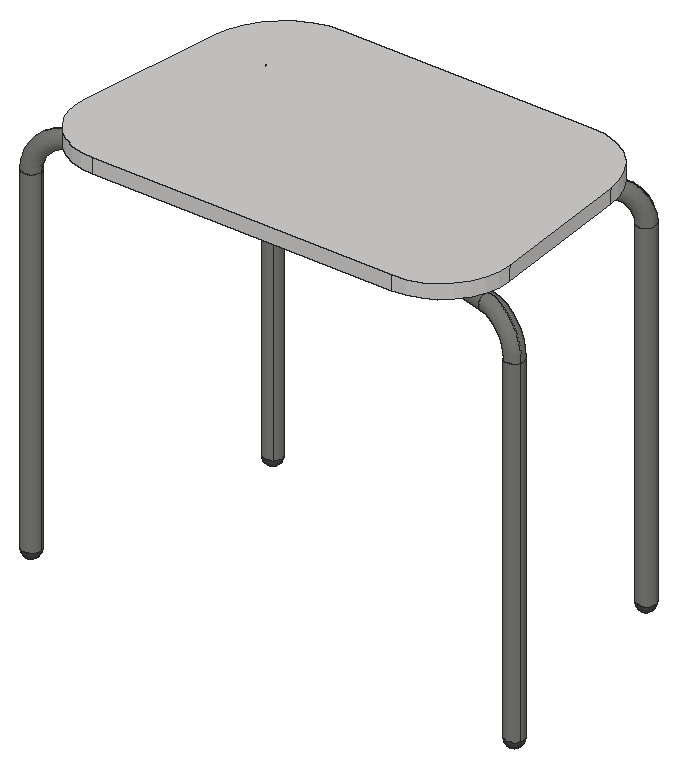
Revit family "Table-Teknion-CQTWT_Routes_SoloMini_Table-R2020", category Furniture, Revit 2020
Family settings
  OmniClass Number = 23.40.20.00
  OmniClass Title = General Furniture and Specialties
  Work Plane-Based = No
  Always vertical = Yes
  Cut with Voids When Loaded = No
  Shared = Yes
  Room Calculation Point = No
Parameters (values of type "SoloMini Table")
  Warranty = "http://www.teknion.com/ca/papers/legal-canada"
  Unit Weight URL = "http://www.teknion.com/ca/tools/assets#&asset=bee6a381-b954-425e-8283-5a2de3a804f2,f828d448-4b62-4231-9e5f-9a8991c0ed77"
  URL = "www.teknion.com"
  Sustainability Data = "https://www.teknion.com/ca/tools/assets#&topic=216f99a5-57a0-44fc-b10a-9dee9b29ae4c&asset=444deb64-fe58-4b68-981e-f75e97781df7,b4ff2d81-9f2e-437d-9659-7cffb09c31cf"
  Surface Finish [instance] = Foundation Laminate - Teknion - 2H - Soft Gris
  Series = "Routes"
  Product Page URL = "https://www.teknion.com/ca/products/product-details?productLineId=70f0476f-8e7a-673b-a6c8-ff05004460c4"
  Product Line = "Routes Tables"
  Product Documentation Link = "https://assets.teknion.com/m/72af4764f50e983c/original/Routes-Reference-Guide.pdf"
  Part Number = "CQTWT"  # constant formula
  Model = "CQTWT2030"
  Manufacturer Phone = "416-661-3370"  # constant formula
  Manufacturer Fax = "416.661.4586"  # constant formula
  Manufacturer Contact Information = "http://www.teknion.com/ca/contactus"
  Manufacturer Address = "1150 Flint Road, Toronto, ON. M3J 2J5. Canada"  # constant formula
  Manufacturer = "Teknion"  # constant formula
  Frame Finish [instance] = Paint - Teknion - Mica - Anthracite
  Foot Finish [instance] = Plastic - Teknion - E - Ebony
  Description = "SoloMini Table"
  Default Elevation = 0.000"
  Assembly Code = "E2020200"
Reference planes (in)
  plane 1 "Center Front/Back": y = 0
  plane 2: z = 0
  plane 3 "Center Left/Right": x = 0
  plane 4 "Left": x = -17.82524
  plane 5 "Right": x = 17.82524
  plane 6 "Back": y = 10
  plane 7 "Front": y = -10
  plane 8 "Top": z = 29
  plane 9: z = 28
  plane 10: z = 24.76977
  plane 11: z = 0.62477
  plane 12: z = 27.57905
  plane 13: z = 27.26977
  plane 14: through (-10.63604, 6.41746, 48) normal (0.7431, 0.6691, 0)
  plane 15: through (-13.36891, -6.22922, 48) normal (-0.2575, 0.9663, 0)
  plane 16: through (10.63604, 6.41746, 48) normal (0.7431, -0.6691, 0)
  plane 17: through (13.36891, -6.22922, 48) normal (-0.2575, -0.9663, 0)
  plane 18: y = -7.25009
  plane 19: y = 9.36403
  plane 20: x = -17.20024
  plane 21: x = -13.28915
  plane 22: x = 17.20024
  plane 23: x = 13.28915
Forms (in)
  Sweep 1, solid, material "Foundation Laminate - Teknion - 2H - Soft Gris" <- "Surface Finish"
    path origin (0, 0, 0) x (1, 0, 0) y (0, 0, 1)
      loop
        line (0, 28) -> (0, 29)
    profile origin (0, 0, 28.5) x (-1, 0, 0) y (0, -1, 0)
      loop
        arc (15.11035, 5.02962) -> (13.97915, 8.51109) -> (10.635, 10) r 4.5
        line (10.635, 10) -> (-10.635, 10)
        arc (-10.635, 10) -> (-13.97915, 8.51109) -> (-15.11035, 5.02962) r 4.5
        line (-15.11035, 5.02962) -> (-14.02479, -5.29877)
        arc (-14.02479, -5.29877) -> (-12.31649, -8.65151) -> (-8.80355, -10) r 5.25
        line (-8.80355, -10) -> (8.80355, -10)
        arc (8.80355, -10) -> (12.31649, -8.65151) -> (14.02479, -5.29877) r 5.25
        line (14.02479, -5.29877) -> (15.11035, 5.02962)
  Sweep 2, solid, material "Paint - Teknion - Mica - Anthracite" <- "Frame Finish"
    path origin (0, 0, 0) x (1, 0, 0) y (0, 0, 1)
      loop
        line (0, 28) -> (0, 27.57905)
    profile origin (0, 0, 27.78952) x (0, -1, 0) y (1, 0, 0)
      loop
        line (5.15209, -14.18366) -> (7.56894, -13.53967)
        arc (7.56894, -13.53967) -> (7.7513, -13.40014) -> (7.78158, -13.17254) r 0.3
        line (7.78158, -13.17254) -> (7.10704, -10.64098)
        arc (7.10704, -10.64098) -> (6.96752, -10.45862) -> (6.73992, -10.42834) r 0.3
        line (6.73992, -10.42834) -> (4.32305, -11.0723)
        arc (4.32305, -11.0723) -> (4.1407, -11.21182) -> (4.11041, -11.43943) r 0.3
        line (4.11041, -11.43943) -> (4.78496, -13.97102)
        arc (4.78496, -13.97102) -> (4.92448, -14.15338) -> (5.15209, -14.18366) r 0.3
      loop
        arc (5.15209, 14.18366) -> (4.92448, 14.15338) -> (4.78496, 13.97102) r 0.3
        line (4.78496, 13.97102) -> (4.11041, 11.43943)
        arc (4.11041, 11.43943) -> (4.1407, 11.21182) -> (4.32305, 11.0723) r 0.3
        line (4.32305, 11.0723) -> (6.73992, 10.42834)
        arc (6.73992, 10.42834) -> (6.96752, 10.45862) -> (7.10704, 10.64098) r 0.3
        line (7.10704, 10.64098) -> (7.78158, 13.17254)
        arc (7.78158, 13.17254) -> (7.7513, 13.40014) -> (7.56894, 13.53967) r 0.3
        line (7.56894, 13.53967) -> (5.15209, 14.18366)
      loop
        line (-7.63324, -10.0479) -> (-5.95963, -11.90665)
        arc (-5.95963, -11.90665) -> (-5.75239, -12.0055) -> (-5.53595, -11.92885) r 0.3
        line (-5.53595, -11.92885) -> (-3.58897, -10.17578)
        arc (-3.58897, -10.17578) -> (-3.49012, -9.96854) -> (-3.56676, -9.7521) r 0.3
        line (-3.56676, -9.7521) -> (-5.24037, -7.89335)
        arc (-5.24037, -7.89335) -> (-5.44761, -7.7945) -> (-5.66405, -7.87115) r 0.3
        line (-5.66405, -7.87115) -> (-7.61103, -9.62422)
        arc (-7.61103, -9.62422) -> (-7.70988, -9.83146) -> (-7.63324, -10.0479) r 0.3
      loop
        arc (-7.63324, 10.0479) -> (-7.70988, 9.83146) -> (-7.61103, 9.62422) r 0.3
        line (-7.61103, 9.62422) -> (-5.66405, 7.87115)
        arc (-5.66405, 7.87115) -> (-5.44761, 7.7945) -> (-5.24037, 7.89335) r 0.3
        line (-5.24037, 7.89335) -> (-3.56676, 9.7521)
        arc (-3.56676, 9.7521) -> (-3.49012, 9.96854) -> (-3.58897, 10.17578) r 0.3
        line (-3.58897, 10.17578) -> (-5.53595, 11.92885)
        arc (-5.53595, 11.92885) -> (-5.75239, 12.0055) -> (-5.95963, 11.90665) r 0.3
        line (-5.95963, 11.90665) -> (-7.63324, 10.0479)
  Revolve 3, solid, material "Plastic - Teknion - E - Ebony" <- "Foot Finish"
    sketch origin (-17.82524, -7.25009, 48) x (-1, 0, 0) y (0, 0, 1)
      loop
        line (-0.625, -47.37523) -> (-1.25, -47.37523)
        arc (-1.25, -47.37523) -> (-1.06686, -47.81702) -> (-0.625, -48) r 0.625
        line (-0.625, -48) -> (-0.625, -47.37523)
      axis (-0.625, -47.37523) -> (-0.625, -48)
    angle from 0 to 360
  Revolve 4, solid, material "Plastic - Teknion - E - Ebony" <- "Foot Finish"
    sketch origin (-17.82524, -7.25009, 48) x (-1, 0, 0) y (0, 0, 1)
      loop
        line (-35.02548, -47.37523) -> (-35.02548, -48)
        arc (-35.02548, -48) -> (-34.58362, -47.81702) -> (-34.40048, -47.37523) r 0.625
        line (-34.40048, -47.37523) -> (-35.02548, -47.37523)
      axis (-35.02548, -47.37523) -> (-35.02548, -48)
    angle from 0 to 360
  Revolve 5, solid, material "Plastic - Teknion - E - Ebony" <- "Foot Finish"
    sketch origin (-13.91415, 9.36403, 48) x (-1, 0, 0) y (0, 0, 1)
      loop
        line (-0.625, -47.37523) -> (-1.25, -47.37523)
        arc (-1.25, -47.37523) -> (-1.06686, -47.81702) -> (-0.625, -48) r 0.625
        line (-0.625, -48) -> (-0.625, -47.37523)
      axis (-0.625, -47.37523) -> (-0.625, -48)
    angle from 0 to 360
  Revolve 6, solid, material "Plastic - Teknion - E - Ebony" <- "Foot Finish"
    sketch origin (-13.91415, 9.36403, 48) x (-1, 0, 0) y (0, 0, 1)
      loop
        line (-27.20329, -47.37523) -> (-27.20329, -48)
        arc (-27.20329, -48) -> (-26.76151, -47.81701) -> (-26.57852, -47.37523) r 0.62477
        line (-26.57852, -47.37523) -> (-27.20329, -47.37523)
      axis (-27.20329, -47.37523) -> (-27.20329, -48)
    angle from 0 to 360
  Sweep 7, solid, material "Paint - Teknion - Mica - Anthracite" <- "Frame Finish"
    path origin (-13.36891, -6.22922, 48) x (-0.966286, -0.25747, 0) y (0, 0, 1)
      loop
        line (3.965, -47.37523) -> (3.965, -23.23023)
        arc (3.965, -23.23023) -> (3.23277, -21.46246) -> (1.465, -20.73023) r 2.5
        line (1.465, -20.73023) -> (-3.335, -20.73023)
    profile origin (-12.46544, -5.98848, 27.26977) x (0, 0, -1) y (-0.25747, 0.966286, 0)
      loop
        circle (0, 0) r 0.625
  Sweep 8, solid, material "Paint - Teknion - Mica - Anthracite" <- "Frame Finish"
    path origin (-10.63604, 6.41746, 48) x (-0.669131, 0.743145, 0) y (0, 0, 1)
      loop
        line (3.965, -47.37523) -> (3.965, -23.23023)
        arc (3.965, -23.23023) -> (3.23277, -21.46246) -> (1.465, -20.73023) r 2.5
        line (1.465, -20.73023) -> (-3.33408, -20.73023)
    profile origin (-10.01071, 5.72296, 27.26977) x (0, 0, -1) y (0.743145, 0.669131, 0)
      loop
        circle (0, 0) r 0.625
  Sweep 9, solid, material "Paint - Teknion - Mica - Anthracite" <- "Frame Finish"
    path origin (13.36891, -6.22922, 48) x (0.966286, -0.25747, 0) y (0, 0, 1)
      loop
        line (3.965, -47.37523) -> (3.965, -23.23023)
        arc (3.965, -23.23023) -> (3.23277, -21.46246) -> (1.465, -20.73023) r 2.5
        line (1.465, -20.73023) -> (-3.33558, -20.73023)
    profile origin (12.46516, -5.98841, 27.26977) x (0, 0, 1) y (0.25747, 0.966286, 0)
      loop
        circle (0, 0) r 0.625
  Sweep 10, solid, material "Paint - Teknion - Mica - Anthracite" <- "Frame Finish"
    path origin (10.63604, 6.41746, 48) x (0.669131, 0.743145, 0) y (0, 0, 1)
      loop
        line (3.965, -47.37523) -> (3.965, -23.23023)
        arc (3.965, -23.23023) -> (3.23277, -21.46246) -> (1.465, -20.73023) r 2.5
        line (1.465, -20.73023) -> (-3.33569, -20.73023)
    profile origin (10.01018, 5.72236, 27.26977) x (0, 0, 1) y (-0.743145, 0.669131, 0)
      loop
        circle (0, 0) r 0.625
Lines and regions (in)
  Masking region 1
    outline origin (0, 0, 29) x (0, -1, 0) y (1, 0, 0)
      loop
        line (-5.29877, -14.02479) -> (5.02962, -15.11035)
        arc (5.02962, -15.11035) -> (5.53861, -15.13483) -> (6.04711, -15.10162) r 4.5
        line (6.04711, -15.10162) -> (6.60629, -17.20024)
        arc (6.60629, -17.20024) -> (7.32229, -17.83202) -> (7.85387, -17.03879) r 0.63456
        line (7.85387, -17.03879) -> (7.25009, -14.78074)
        arc (7.25009, -14.78074) -> (9.25003, -13.12243) -> (10, -10.635) r 4.5
        line (10, -10.635) -> (10, 10.635)
        arc (10, 10.635) -> (9.25003, 13.12243) -> (7.25009, 14.78074) r 4.5
        line (7.25009, 14.78074) -> (7.85387, 17.03879)
        arc (7.85387, 17.03879) -> (7.32229, 17.83202) -> (6.60629, 17.20024) r 0.63456
        line (6.60629, 17.20024) -> (6.04711, 15.10162)
        arc (6.04711, 15.10162) -> (5.53861, 15.13483) -> (5.02962, 15.11035) r 4.5
        line (5.02962, 15.11035) -> (-5.29877, 14.02479)
        arc (-5.29877, 14.02479) -> (-6.73694, 13.66303) -> (-8.01657, 12.91354) r 5.25
        line (-8.01657, 12.91354) -> (-9.02384, 13.82049)
        arc (-9.02384, 13.82049) -> (-9.86043, 13.67338) -> (-9.78512, 12.8273) r 0.62798
        line (-9.78512, 12.8273) -> (-8.89948, 12.01981)
        arc (-8.89948, 12.01981) -> (-9.71726, 10.50322) -> (-10, 8.80355) r 5.25
        line (-10, 8.80355) -> (-10, -8.80355)
        arc (-10, -8.80355) -> (-9.71726, -10.50322) -> (-8.89948, -12.01981) r 5.25
        line (-8.89948, -12.01981) -> (-9.78512, -12.8273)
        arc (-9.78512, -12.8273) -> (-9.86043, -13.67338) -> (-9.02384, -13.82049) r 0.62798
        line (-9.02384, -13.82049) -> (-8.01657, -12.91354)
        arc (-8.01657, -12.91354) -> (-6.73694, -13.66303) -> (-5.29877, -14.02479) r 5.25
  reference lines
    curve 1: line (-17.82524, 10, 0) -> (-17.82524, -10, 0)
    curve 2: line (-17.82524, -10, 0) -> (17.82524, -10, 0)
    curve 3: line (17.82524, -10, 0) -> (17.82524, 10, 0)
    curve 4: line (17.82524, 10, 0) -> (-17.82524, 10, 0)
  symbolic lines, style "FurnitureHiddenLines", detail levels medium+fine
    curve 5: line (-9.98596, -5.9725, 29) -> (-10.30652, -4.76944, 29)
    curve 6: line (-11.43943, -4.11041, 29) -> (-13.97102, -4.78496, 29)
    curve 7: arc (-13.97102, -4.78496, 29) -> (-14.15338, -4.92448, 29) -> (-14.18366, -5.15209, 29) r 0.3
    curve 8: line (-14.18366, -5.15209, 29) -> (-13.53967, -7.56894, 29)
    curve 9: arc (-13.53967, -7.56894, 29) -> (-13.40014, -7.7513, 29) -> (-13.17254, -7.78158, 29) r 0.3
    curve 10: line (-13.17254, -7.78158, 29) -> (-10.64098, -7.10704, 29)
    curve 11: arc (-10.64098, -7.10704, 29) -> (-10.45862, -6.96752, 29) -> (-10.42834, -6.73992, 29) r 0.3
    curve 12: line (-10.42834, -6.73992, 29) -> (-11.0723, -4.32305, 29)
    curve 13: arc (-11.0723, -4.32305, 29) -> (-11.21182, -4.1407, 29) -> (-11.43943, -4.11041, 29) r 0.3
    curve 14: line (-15.10162, -6.04711, 29) -> (-10.30652, -4.76944, 29)
    curve 15: line (-14.78074, -7.25009, 29) -> (-9.98596, -5.9725, 29)
    curve 16: line (8.87265, 3.51661, 29) -> (7.94624, 4.34841, 29)
    curve 17: line (7.87337, 5.65703, 29) -> (9.62372, 7.60646, 29)
    curve 18: arc (9.62372, 7.60646, 29) -> (9.83082, 7.7056, 29) -> (10.04737, 7.62925, 29) r 0.3
    curve 19: line (10.04737, 7.62925, 29) -> (11.90843, 5.95822, 29)
    curve 20: arc (11.90843, 5.95822, 29) -> (12.00757, 5.75112, 29) -> (11.93123, 5.53457, 29) r 0.3
    curve 21: line (11.93123, 5.53457, 29) -> (10.1809, 3.58517, 29)
    curve 22: arc (10.1809, 3.58517, 29) -> (9.9738, 3.48603, 29) -> (9.75725, 3.56237, 29) r 0.3
    curve 23: line (9.75725, 3.56237, 29) -> (7.89617, 5.23338, 29)
    curve 24: arc (7.89617, 5.23338, 29) -> (7.79703, 5.44049, 29) -> (7.87337, 5.65703, 29) r 0.3
    curve 25: line (12.02732, 8.89365, 29) -> (7.94624, 4.34841, 29)
    curve 26: line (12.91332, 8.01685, 29) -> (8.87265, 3.51661, 29)
    curve 27: line (-8.87265, 3.51661, 29) -> (-7.94624, 4.34841, 29)
    curve 28: line (-7.87337, 5.65703, 29) -> (-9.62372, 7.60646, 29)
    curve 29: arc (-9.62372, 7.60646, 29) -> (-9.83082, 7.7056, 29) -> (-10.04737, 7.62925, 29) r 0.3
    curve 30: line (-10.04737, 7.62925, 29) -> (-11.90843, 5.95822, 29)
    curve 31: arc (-11.90843, 5.95822, 29) -> (-12.00757, 5.75112, 29) -> (-11.93123, 5.53457, 29) r 0.3
    curve 32: line (-11.93123, 5.53457, 29) -> (-10.1809, 3.58517, 29)
    curve 33: arc (-10.1809, 3.58517, 29) -> (-9.9738, 3.48603, 29) -> (-9.75725, 3.56237, 29) r 0.3
    curve 34: line (-9.75725, 3.56237, 29) -> (-7.89617, 5.23338, 29)
    curve 35: arc (-7.89617, 5.23338, 29) -> (-7.79703, 5.44049, 29) -> (-7.87337, 5.65703, 29) r 0.3
    curve 36: line (-12.02732, 8.89365, 29) -> (-7.94624, 4.34841, 29)
    curve 37: line (-12.91332, 8.01685, 29) -> (-8.87265, 3.51661, 29)
    curve 38: line (9.98596, -5.9725, 29) -> (10.30652, -4.76944, 29)
    curve 39: line (11.43943, -4.11041, 29) -> (13.97102, -4.78496, 29)
    curve 40: arc (13.97102, -4.78496, 29) -> (14.15338, -4.92448, 29) -> (14.18366, -5.15209, 29) r 0.3
    curve 41: line (14.18366, -5.15209, 29) -> (13.53967, -7.56894, 29)
    curve 42: arc (13.53967, -7.56894, 29) -> (13.40014, -7.7513, 29) -> (13.17254, -7.78158, 29) r 0.3
    curve 43: line (13.17254, -7.78158, 29) -> (10.64098, -7.10704, 29)
    curve 44: arc (10.64098, -7.10704, 29) -> (10.45862, -6.96752, 29) -> (10.42834, -6.73992, 29) r 0.3
    curve 45: line (10.42834, -6.73992, 29) -> (11.0723, -4.32305, 29)
    curve 46: arc (11.0723, -4.32305, 29) -> (11.21182, -4.1407, 29) -> (11.43943, -4.11041, 29) r 0.3
    curve 47: line (15.10162, -6.04711, 29) -> (10.30652, -4.76944, 29)
    curve 48: line (14.78074, -7.25009, 29) -> (9.98596, -5.9725, 29)
Dimensions and locks (in)
  plane 4 "Left" to plane 5 "Right" = 35.65048"
  plane 6 "Back" to plane 7 "Front" = 20.000"
  locked: plane 8 "Top" to level at 29
  equal spacing: plane 6 "Back", plane 1 "Center Front/Back", plane 7 "Front"
  equal spacing: plane 4 "Left", plane 3 "Center Left/Right", plane 5 "Right"
  locked: plane 8 "Top" to plane 9 at 1
  locked: plane 9 to plane 12 at 0.42096
  locked: plane 11 to plane 2 at 0.62477
  Sweep 1 sketch curve to Sweep 1 sketch curve to plane 3 "Center Left/Right" to Sweep 1 sketch curve to Sweep 1 sketch curve = 1.83145" locked, 8.80355" locked, 8.80355" locked, 1.83145" locked
  Sweep 1 sketch curve to plane 1 "Center Front/Back" to Sweep 1 sketch curve = 5.500" locked, 4.750" locked
  plane 8 "Top" to plane 13 to plane 10 = 1.73023" locked, 2.500" locked
  plane 14 to plane 14 to plane 3 "Center Left/Right" to plane 16 to plane 16 = 9.00404" locked, 4.85774" locked, 4.85774" locked, 9.00404" locked
  locked: plane 15 to plane 1 "Center Front/Back" at 2.66703
  locked: plane 17 to plane 1 "Center Front/Back" at 2.66703
  Sweep 2 sketch curve to Sweep 2 sketch curve to Sweep 2 sketch curve to Sweep 2 sketch curve to plane 1 "Center Front/Back" = 0.67454" locked, 1.74231" locked, 0.67455" locked, 4.40029" locked  (x2)
  Sweep 2 sketch curve to Sweep 2 sketch curve to Sweep 2 sketch curve to Sweep 2 sketch curve to plane 3 "Center Left/Right" = 0.644" locked, 1.8876" locked, 0.64396" locked, 10.71822" locked  (x2)
  Sweep 2 sketch curve to Sweep 2 sketch curve to Sweep 2 sketch curve to Sweep 2 sketch curve to plane 3 "Center Left/Right" to Sweep 2 sketch curve to Sweep 2 sketch curve to Sweep 2 sketch curve to Sweep 2 sketch curve = 1.75307" locked, 0.10568" locked, 1.75307" locked, 8.09409" locked, 8.09409" locked, 1.75307" locked, 0.10568" locked, 1.75307" locked
  plane 1 "Center Front/Back" to Sweep 2 sketch curve to Sweep 2 sketch curve to Sweep 2 sketch curve to Sweep 2 sketch curve = 3.78971" locked, 1.6736" locked, 0.27338" locked, 1.6736" locked  (x2)
  plane 18 to plane 1 "Center Front/Back" to plane 19 = 7.25009" locked, 9.36403" locked
  plane 20 to plane 21 to plane 3 "Center Left/Right" to plane 23 to plane 22 = 3.91109" locked, 13.28915" locked, 13.28915" locked, 3.91109" locked
  Sweep 7 sketch curve to Sweep 7 sketch curve to plane 20 = 4.63817" locked, 2.41572" locked
  locked: Sweep 7 sketch curve to plane 20 at 4.7348
  Sweep 8 sketch curve to Sweep 8 sketch curve to plane 21 = 3.21121", 1.67283" locked
  locked: Sweep 8 sketch curve to plane 21 at 3.27843
  Sweep 9 sketch curve to Sweep 9 sketch curve to plane 22 = 4.63873" locked, 2.41572" locked
  locked: Sweep 9 sketch curve to plane 22 at 4.73508
  Sweep 10 sketch curve to Sweep 10 sketch curve to plane 23 = 3.21229" locked, 1.67283" locked
  locked: Sweep 10 sketch curve to plane 23 at 3.27897
  aligned and locked: level to plane 2
  aligned and locked: plane 3 "Center Left/Right" to Sweep 1 sketch curve
  aligned and locked: plane 8 "Top" to Sweep 1 sketch curve
  aligned and locked: plane 9 to Sweep 1 sketch curve
  aligned and locked: Sweep 1 sketch curve to plane 6 "Back"
  aligned and locked: Sweep 1 sketch curve to plane 7 "Front"
  aligned and locked: Sweep 2 sketch curve to plane 3 "Center Left/Right"
  aligned and locked: plane 9 to Sweep 2 sketch curve
  aligned and locked: plane 12 to Sweep 2 sketch curve
  aligned and locked: Revolve 3 sketch curve to plane 20  (x2)
  aligned and locked: Revolve 3 sketch curve to plane 11
  aligned and locked: plane 2 to Revolve 3 sketch curve
  aligned and locked: Revolve 4 sketch curve to plane 11
  aligned and locked: plane 22 to Revolve 4 sketch curve  (x2)
  aligned and locked: plane 2 to Revolve 4 sketch curve
  aligned and locked: plane 11 to Revolve 5 sketch curve
  aligned and locked: Revolve 5 sketch curve to plane 21  (x2)
  aligned and locked: plane 2 to Revolve 5 sketch curve
  aligned and locked: plane 11 to Revolve 6 sketch curve
  aligned and locked: Revolve 6 sketch curve to plane 23  (x2)
  aligned and locked: plane 2 to Revolve 6 sketch curve
  aligned and locked: Sweep 7 sketch curve to plane 13
  aligned and locked: plane 20 to Sweep 7 sketch curve
  aligned and locked: plane 13 to Sweep 7 sketch curve
  aligned and locked: plane 11 to Sweep 7 sketch curve
  aligned and locked: Sweep 7 sketch curve to plane 20
  aligned and locked: plane 10 to Sweep 7 sketch curve
  aligned and locked: Sweep 8 sketch curve to plane 13
  aligned and locked: plane 21 to Sweep 8 sketch curve
  aligned and locked: plane 10 to Sweep 8 sketch curve
  aligned and locked: plane 11 to Sweep 8 sketch curve
  aligned and locked: plane 13 to Sweep 8 sketch curve
  aligned and locked: Sweep 9 sketch curve to plane 22
  aligned and locked: plane 10 to Sweep 9 sketch curve
  aligned and locked: plane 11 to Sweep 9 sketch curve
  aligned and locked: plane 13 to Sweep 9 sketch curve
  aligned and locked: plane 13 to Sweep 10 sketch curve  (x2)
  aligned and locked: Sweep 10 sketch curve to plane 23
  aligned and locked: plane 10 to Sweep 10 sketch curve
  aligned and locked: plane 11 to Sweep 10 sketch curve
  aligned and locked: curve 4 to plane 6 "Back"
  aligned and locked: curve 1 to plane 4 "Left"
  aligned and locked: curve 2 to plane 7 "Front"
  aligned and locked: curve 3 to plane 5 "Right"
Automatic sketch dimensions
  plane 10 to Sweep 7 sketch curve = 0.000"  (x2)
  Sweep 7 sketch curve to Sweep 7 sketch curve = 4.800"
  Sweep 7 sketch curve to plane 15 = 0.000"
  profile plane to Sweep 7 sketch curve = 0.000"
  Sweep 8 sketch curve to profile plane = 0.000"
  plane 13 to Sweep 8 sketch curve = 0.000"
  plane 10 to Sweep 8 sketch curve = 0.000"
  plane 11 to Sweep 8 sketch curve = 0.000"
  Sweep 8 sketch curve to Sweep 8 sketch curve = 0.000"
  Sweep 8 sketch curve to Sweep 8 sketch curve = 4.79908"
  profile plane to Sweep 9 sketch curve = 0.000"
  plane 13 to Sweep 9 sketch curve = 0.000"
  plane 10 to Sweep 9 sketch curve = 0.000"
  Sweep 9 sketch curve to Sweep 9 sketch curve = 4.80058"
  Sweep 1 sketch curve to plane 1 "Center Front/Back" = 5.29877"
  Sweep 1 sketch curve to Sweep 1 sketch curve = 5.22124"
  Sweep 2 sketch curve to Sweep 2 sketch curve = 0.20074"  (x4)
  Sweep 2 sketch curve to Sweep 2 sketch curve = 0.22294"  (x4)
  Sweep 2 sketch curve to Sweep 2 sketch curve = 0.28989"  (x4)
  Sweep 2 sketch curve to Sweep 2 sketch curve = 0.07724"  (x5)
  plane 20 to Revolve 3 sketch curve = 0.625"
  Revolve 3 sketch curve to level = 0.47384"
  Revolve 3 sketch curve to Revolve 3 sketch curve = 0.74977"
  Revolve 4 sketch curve to Revolve 4 sketch curve = 0.625"
  Revolve 4 sketch curve to level = 0.58801"
  Revolve 4 sketch curve to Revolve 4 sketch curve = 0.87621"
  plane 21 to Revolve 5 sketch curve = 0.625"
  Revolve 5 sketch curve to level = 0.47561"
  Revolve 5 sketch curve to Revolve 5 sketch curve = 0.74977"
  Revolve 6 sketch curve to Revolve 6 sketch curve = 0.28181"
  Revolve 6 sketch curve to Revolve 6 sketch curve = 0.62477"
  Sweep 10 sketch curve to profile plane = 0.000"
  plane 10 to Sweep 10 sketch curve = 0.000"
  plane 11 to Sweep 10 sketch curve = 0.000"
  Sweep 10 sketch curve to Sweep 10 sketch curve = 4.80069"
  Masking region 1 sketch curve to Masking region 1 sketch curve = 0.000"  (x4)
  Masking region 1 sketch curve to Sweep 1 = 0.21488"  (x2)
  Masking region 1 sketch curve to Masking region 1 sketch curve = 0.4231"  (x2)
  Masking region 1 sketch curve to Masking region 1 sketch curve = 0.33818"  (x2)
  Masking region 1 sketch curve to Sweep 1 = 1.10052"  (x2)
  Masking region 1 sketch curve to Masking region 1 sketch curve = 0.88291"  (x2)
  Masking region 1 sketch curve to Masking region 1 sketch curve = 2.71779"  (x2)
  Masking region 1 sketch curve to Masking region 1 sketch curve = 0.47038"  (x2)
  Masking region 1 sketch curve to Masking region 1 sketch curve = 1.01749"  (x2)
  Masking region 1 sketch curve to Masking region 1 sketch curve = 0.55918"  (x2)
  Masking region 1 sketch curve to Masking region 1 sketch curve = 0.63456"  (x2)
  Masking region 1 sketch curve to Masking region 1 sketch curve = 1.20298"  (x2)
  Masking region 1 sketch curve to Masking region 1 sketch curve = 0.61302"  (x2)
  Masking region 1 sketch curve to Masking region 1 sketch curve = 2.25805"  (x2)
  Masking region 1 sketch curve to Masking region 1 sketch curve = 0.16145"  (x2)
  Masking region 1 sketch curve to Masking region 1 sketch curve = 0.90695"
  Masking region 1 sketch curve to Masking region 1 sketch curve = 0.52914"
  Masking region 1 sketch curve to Masking region 1 sketch curve = 0.80748"
  Masking region 1 sketch curve to Masking region 1 sketch curve = 0.46405"
  curve 30 to Sweep 1 = 2.37075"
  curve 19 to Sweep 1 = 2.37075"
  curve 30 to curve 28 = 0.02279"
  curve 19 to curve 17 = 0.02279"
  curve 19 to curve 18 = 0.22322"
  curve 30 to curve 29 = 0.22322"
  curve 30 to curve 30 = 1.67103"
  curve 19 to curve 19 = 1.67103"
  curve 19 to curve 20 = 0.22322"
  curve 30 to curve 31 = 0.22322"
  curve 29 to curve 28 = 1.94943"
  curve 17 to curve 17 = 1.94943"
  curve 20 to curve 21 = 0.20043"
  curve 31 to curve 32 = 0.20043"
  curve 35 to curve 35 = 0.20043"
  curve 24 to curve 24 = 0.20043"
  curve 24 to curve 23 = 0.22322"
  curve 35 to curve 34 = 0.22322"
  curve 35 to curve 36 = 0.88497"
  curve 24 to curve 16 = 0.88497"
  curve 16 to curve 22 = 0.56281"
  curve 27 to curve 33 = 0.56281"
  curve 22 to curve 21 = 0.20043"
  curve 33 to curve 32 = 0.20043"
  curve 33 to curve 34 = 0.22322"
  curve 22 to curve 23 = 0.22322"
  curve 22 to curve 16 = 0.04576"
  curve 33 to curve 27 = 0.04576"
  curve 6 to Sweep 1 = 5.88959"
  curve 39 to Sweep 1 = 5.88959"
  curve 13 to curve 12 = 0.21265"
  curve 46 to curve 45 = 0.21265"
  curve 12 to curve 13 = 0.07724"
  curve 45 to curve 46 = 0.07724"
  curve 46 to curve 38 = 0.44638"
  curve 13 to curve 14 = 0.44638"
  curve 39 to curve 39 = 0.67455"
  curve 6 to curve 6 = 0.67455"
  curve 6 to curve 7 = 0.28989"
  curve 39 to curve 40 = 0.28989"
  curve 7 to curve 8 = 0.07724"
  curve 40 to curve 41 = 0.07724"
  curve 5 to curve 15 = 1.20306"
  curve 38 to curve 38 = 1.20306"
  curve 5 to curve 12 = 0.76742"
  curve 38 to curve 45 = 0.76742"
  curve 12 to curve 11 = 0.07724"
  curve 45 to curve 44 = 0.07724"
  curve 11 to curve 10 = 0.28989"
  curve 44 to curve 43 = 0.28989"
  curve 40 to curve 42 = 2.41685"
  curve 7 to curve 9 = 2.41685"
  curve 42 to curve 41 = 0.07724"
  curve 9 to curve 8 = 0.07724"
  curve 9 to curve 10 = 0.28989"
  curve 42 to curve 43 = 0.28989"
  curve 8 to Sweep 1 = 0.93441"
  curve 8 to curve 6 = 0.21264"
  curve 8 to curve 8 = 0.644"
  curve 8 to curve 9 = 0.28989"
  curve 7 to curve 32 = 2.03979"
  curve 31 to curve 30 = 0.02279"
  curve 7 to curve 6 = 2.53159"
  curve 13 to curve 13 = 0.07724"
  curve 13 to curve 11 = 0.64396"
  curve 11 to curve 10 = 0.07724"
  curve 13 to curve 14 = 0.76578"
  curve 32 to curve 32 = 1.75033"
  curve 31 to curve 30 = 1.86106"
  curve 11 to curve 15 = 0.44238"
  curve 33 to curve 33 = 0.22322"
  curve 30 to curve 29 = 0.20043"
  curve 33 to curve 37 = 0.88461"
  curve 27 to curve 35 = 0.77605"
  curve 35 to curve 36 = 0.15035"
  curve 35 to curve 34 = 0.20043"
  curve 28 to curve 17 = 15.74674"
  curve 24 to curve 23 = 0.0228"
  curve 24 to curve 16 = 0.05008"
  curve 16 to curve 16 = 0.9264"
  curve 17 to curve 17 = 1.75035"
  curve 16 to curve 23 = 0.88461"
  curve 17 to curve 18 = 0.22322"
  curve 23 to curve 22 = 0.20043"
  curve 22 to curve 48 = 0.22871"
  curve 38 to curve 38 = 0.32056"
  curve 38 to curve 45 = 0.44238"
  curve 45 to curve 43 = 0.21265"
  curve 38 to curve 45 = 0.76578"
  curve 45 to curve 46 = 0.28989"
  curve 18 to curve 20 = 1.86106"
  curve 20 to curve 19 = 0.20043"
  curve 44 to curve 43 = 2.53156"
  curve 42 to curve 42 = 0.07724"
  curve 42 to curve 40 = 0.644"
  curve 40 to curve 39 = 0.07724"
  curve 26 to Sweep 1 = 1.98315"
  curve 37 to Sweep 1 = 1.98315"
  curve 36 to Sweep 1 = 1.10635"
  curve 25 to Sweep 1 = 1.10635"
  curve 40 to curve 47 = 0.89502"
  curve 7 to curve 14 = 0.89502"
  curve 47 to curve 48 = 1.20298"
  curve 14 to curve 15 = 1.20298"
  radius of Sweep 7 sketch curve = 0.625"
  radius of Sweep 8 sketch curve = 0.625"
  radius of Sweep 9 sketch curve = 0.625"
  radius of Sweep 10 sketch curve = 0.625"
  radius of Masking region 1 sketch curve to Sweep 1 = 0.000"  (x6)
Nested families (in)
  nested 1: "Teknion_2D_Node_Family-R2020" at (0, 0, 29), type "Teknion_2D_Node_Family-R2020"
Definition of nested family "Teknion_2D_Node_Family-R2020"
  Reference planes (in)
    plane 1 "Center (Front/Back)": y = 0
    plane 2: z = 0
    plane 3 "Center (Left/Right)": x = 0
  Lines and regions (in)
    detail lines, in view "Ref. Level"
      curve 1: circle (0, 0, 0) r 1.25 normal (0, 0, 1)
      curve 2: line (1.91508, -1.91508, 0) -> (-1.91508, 1.91508, 0)
      curve 3: line (-1.91508, -1.91508, 0) -> (1.91508, 1.91508, 0)
